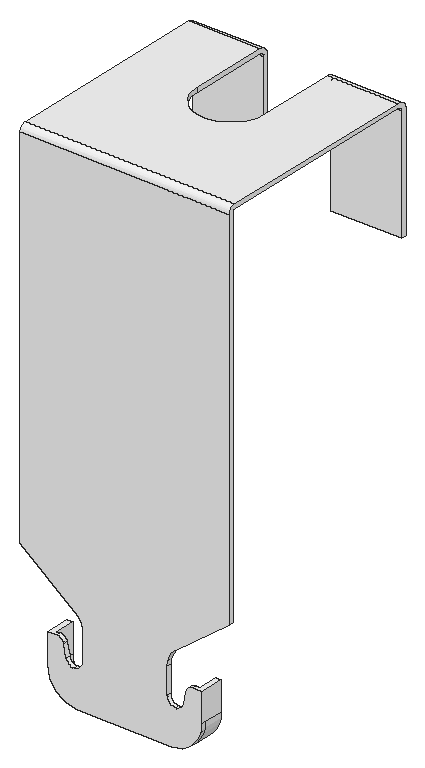
Revit family "sclip_65", category 機械設備, Revit 2022
Family settings
  丸型コネクタ寸法 = 直径を使用
  種別 = なし
  パーツ タイプ = 標準
  作業面ベース = いいえ
  常に垂直 = はい
  ロード時にボイドで切り取り = いいえ
  注釈の向きを維持 = いいえ
  共有 = いいえ
  部屋計算ポイント = いいえ
Parameters
  製造元 = "株式会社桐井製作所"
  既定の高さ = 0 mm
  URL = "https://www.kirii.co.jp/"
  K_品名 = "特殊65mmSクリップ"
  K_名称 = "特殊クリップ"
  K_入数 = "500"
  K_バージョン情報 = "20211012"
Reference planes
  plane 1 "中心(正面/背面)": y = 0
  plane 2: z = 0
  plane 3 "中心(左/右)": x = 0
Forms (mm)
  Extrusion 1, solid
    sketch origin (0, 30, 0) x (0, 1, 0) y (0, 0, 1)
      loop
        line (-30, 0) -> (-29.4, -0.6) -> (-29.4, 73.9) -> (1.25, 73.9)
        arc (1.25, 73.9) -> (1.71, 73.71) -> (1.9, 73.25) r 0.65
        line (1.9, 73.25) -> (1.9, 55.75) -> (2.5, 56.35) -> (2.5, 73.25)
        arc (2.5, 73.25) -> (2.134, 74.134) -> (1.25, 74.5) r 1.25
        line (1.25, 74.5) -> (-29, 74.5)
        arc (-29, 74.5) -> (-29.707, 74.207) -> (-30, 73.5) r 1
        line (-30, 73.5) -> (-30, 0)
    from -15.5 to 15.5
  Extrusion 2, void
    sketch origin (0, -0.6, -0.8) x (0, 1, 0) y (0, 0, 1)
      loop
        line (0.387, 0.8) -> (0.387, -0.064) -> (1.428, -0.064) -> (1.428, 0.8) -> (0.387, 0.8)
    from -15.5 to 15.5
  Extrusion 3, void
    sketch origin (0, 0, 0) x (1, 0, 0) y (0, 0, 1)
      loop
        arc (-6.25, 10.428) -> (-6.555, 11.745) -> (-7.406, 12.794) r 3
        line (-7.406, 12.794) -> (-15.5, 19.1) -> (-15.5, 0) -> (-6.9, 0)
        arc (-6.9, 0) -> (-10.082, 1.318) -> (-11.4, 4.5) r 4.5
        line (-11.4, 4.5) -> (-11.4, 8.8) -> (-10.026, 8.8)
        arc (-10.026, 8.8) -> (-9.389, 8.571) -> (-9.044, 7.989) r 1
        line (-9.044, 7.989) -> (-8.7, 6.2)
        arc (-8.7, 6.2) -> (-8.25, 5.55) -> (-7.5, 5.3) r 1.25
        arc (-7.5, 5.3) -> (-6.616, 5.666) -> (-6.25, 6.55) r 1.25
        line (-6.25, 6.55) -> (-6.25, 10.428)
      loop
        line (6.25, 10.428) -> (6.25, 6.55)
        arc (6.25, 6.55) -> (6.616, 5.666) -> (7.5, 5.3) r 1.25
        arc (7.5, 5.3) -> (8.25, 5.55) -> (8.7, 6.2) r 1.25
        line (8.7, 6.2) -> (9.044, 7.989)
        arc (9.044, 7.989) -> (9.389, 8.571) -> (10.026, 8.8) r 1
        line (10.026, 8.8) -> (11.4, 8.8) -> (11.4, 4.5)
        arc (11.4, 4.5) -> (10.082, 1.318) -> (6.9, 0) r 4.5
        line (6.9, 0) -> (15.5, 0) -> (15.5, 19.1) -> (7.406, 12.794)
        arc (7.406, 12.794) -> (6.555, 11.745) -> (6.25, 10.428) r 3
    from -0.6 to 0
  Extrusion 4, void
    sketch origin (0, 19.721, 45.222) x (1, 0, 0) y (0, 1, 0)
      loop
        line (-5, 12.779) -> (-5, -0.205)
        arc (-5, -0.205) -> (0, -5.205) -> (5, -0.205) r 5
        line (5, -0.205) -> (5, 12.779) -> (-5, 12.779)
    from 10.251 to 29.278
  Extrusion 5, void
    sketch origin (0, 15.621, 31.576) x (0, 1, 0) y (0, 0, 1)
      loop
        line (15.756, 24.774) -> (15.756, 23.898) -> (16.879, 23.898) -> (16.879, 24.774) -> (15.756, 24.774)
    from -15.5 to 15.5
  Extrusion 6, solid
    sketch origin (0, 0, 0) x (1, 0, 0) y (0, 0, 1)
      loop
        line (11.4, 8.8) -> (10.6, 8.8) -> (10.6, 4.5)
        arc (10.6, 4.5) -> (9.516, 1.884) -> (6.9, 0.8) r 3.7
        line (6.9, 0.8) -> (-6.9, 0.8)
        arc (-6.9, 0.8) -> (-9.516, 1.884) -> (-10.6, 4.5) r 3.7
        line (-10.6, 4.5) -> (-10.6, 8.8) -> (-11.4, 8.8) -> (-11.4, 4.5)
        arc (-11.4, 4.5) -> (-10.082, 1.318) -> (-6.9, 0) r 4.5
        line (-6.9, 0) -> (6.9, 0)
        arc (6.9, 0) -> (10.082, 1.318) -> (11.4, 4.5) r 4.5
        line (11.4, 4.5) -> (11.4, 8.8)
    from -3.565 to -0.6
Cuts and joins
  Extrusion 2, Extrusion 3, Extrusion 4, Extrusion 5 cuts Extrusion 1
  joined: Extrusion 1, Extrusion 6
Dimensions and locks
  aligned and locked: level to plane 2
